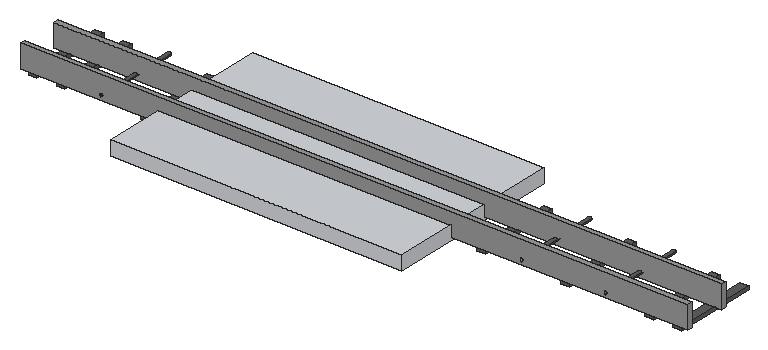
Revit family "1414-2, Solid", category Generic Models, host Face, Revit 2020
Family settings
  Host = Face
  Can host rebar = No
  Round Connector Dimension = Use Diameter
  Part Type = Normal
  Cut with Voids When Loaded = No
  Shared = No
  Room Calculation Point = No
Parameters
  min_value [instance] = 2' - 4"  # constant formula
  max_value [instance] = 11' - 11 1/4"  # constant formula
  actual_value [instance] = if(NET LENGTH < min_value, min_value, if(NET LENGTH > max_value, max_value, NET LENGTH))  # 7' - 11 1/4"
  NET LENGTH [instance] = 7' - 11 1/4"
  IMPORTANT NOTE!!!                                                                             *Backer & dowel layout is for visualization purposes only, final layout to be determined by 9Wood. [instance] = ""
  Default Elevation = 4' - 0"
  DOWEL RADIUS [instance] = 0' - 0 1/4"  # constant formula
  BACKER & DOWEL MATERIAL [instance] = BLACK-BACKERS
  .. MEMBER WIDTH [instance] = 0' - 0 3/4"  # constant formula
  .. MEMBER MATERIAL [instance] = Solid Western Hemlock
  .. MEMBER DEPTH [instance] = 0' - 3 1/4"  # constant formula
  .. MEMBER COUNT [instance] = 2  # constant formula
Reference planes (in)
  plane 1 "Center (Front/Back)": y = 0
  plane 2: z = 0
  plane 3 "Center (Left/Right)": x = 0
Forms (in)
  Extrusion 1, solid
    sketch origin (0, 0, 0) x (1, 0, 0) y (0, 1, 0)
      loop
        line (-24.24823, 14.63962) -> (-24.24823, -10.69266) -> (17.36192, -10.69266) -> (17.36192, 14.63962) -> (-24.24823, 14.63962)
    from 0 to 2.0625
Dimensions and locks (in)
  aligned and locked: plane 2 to Extrusion 1
  aligned and locked: nested 1 to plane 2
Nested families (in)
  nested 1: "1400 series" at (-44.01308, -2.1224, -0.06061), NET LENGTH <- "actual_value", .. MEMBER DEPTH <- ".. MEMBER DEPTH", .. MEMBER WIDTH <- ".. MEMBER WIDTH", DOWEL RADIUS <- "DOWEL RADIUS", BACKER & DOWEL MATERIAL <- "BACKER & DOWEL MATERIAL", .. MEMBER MATERIAL <- ".. MEMBER MATERIAL", MEMBER COUNT <- ".. MEMBER COUNT", type "1400 series"
    with X 7' - 8", SCRIM MATERIAL SCRIM, SCRIM LENGTH 8' - 1", SCRIM APPEARANCE yes, SCRIM 2 0' - 0 7/8", SCRIM 1 0' - 0 3/32", OC TYP 1' - 0", NET LENGTH 7' - 11 1/4", N 8, MEMBER COUNT 2, INSET 2 0' - 0 3/16", INSET 0' - 1", HALF MEMBER WIDTH 0' - 0 3/8", END BACKER yes, DOWEL RADIUS 0' - 0 1/4", DOWEL INDEX 0' - 11 5/8", DOWEL COUNT 7, BACKING M COUNT 8, BACKER WIDTH 0' - 1 1/4", BACKER INDEX 0' - 5 5/8", BACKER DEPTH 0' - 0 1/2", BACKER & DOWEL MATERIAL BLACK-BACKERS, BACKER &  DOWEL LENGTH 0' - 11 7/8", .. MEMBER WIDTH 0' - 0 3/4", .. MEMBER OC TYP 0' - 6", .. MEMBER MATERIAL Solid Western Hemlock, .. MEMBER DEPTH 0' - 3 1/4"
Definition of nested family "1400 series"
  Parameters (values of type "1400 series")
    X [instance] = NET LENGTH - 0' 3 1/4"  # 7' - 2"
    SCRIM MATERIAL [instance] = none
    SCRIM APPEARANCE [instance] = yes
    SCRIM 2 [instance] = 0' - 0 7/8"  # constant formula
    SCRIM 1 [instance] = 0' - 0 3/32"  # constant formula
    OC TYP [instance] = 1' - 0"  # constant formula
    N [instance] = if((X - (rounddown(X / 1' 0") * 1' 0")) > 1' 0", rounddown(X / 1' 0") + 2, rounddown(X / 1' 0") + 1)  # 8
    MEMBER COUNT [instance] = 2
    INSET 5 = 0' - 0 11/16"  # constant formula
    INSET 2 [instance] = 0' - 0 3/16"  # constant formula
    INSET [instance] = 0' - 1"  # constant formula
    END BACKER [instance] = BACKER INDEX > 0' 3 5/8"  # no
    HALF MEMBER WIDTH [instance] = .. MEMBER WIDTH / 2  # 0' - 1 1/8"
    Default Elevation = 0' - 0"
    DOWEL RADIUS [instance] = 0' - 0 1/4"
    DOWEL INDEX [instance] = BACKER INDEX + 0' 6"  # 0' - 8 5/8"
    DOWEL COUNT [instance] = N - 1  # 7
    BACKER WIDTH [instance] = 0' - 1 1/4"  # constant formula
    BACKER INDEX [instance] = (NET LENGTH - ((N - 1) * 1' 0")) / 2  # 0' - 2 5/8"
    BACKER DEPTH [instance] = 0' - 0 1/2"  # constant formula
    BACKING M COUNT [instance] = N  # 8
    BACKER & DOWEL MATERIAL [instance] = none
    BACKER &  DOWEL LENGTH [instance] = 0' - 11 7/8"  # constant formula
    SCRIM LENGTH [instance] = NET LENGTH + (SCRIM 2 * 2)  # 7' - 7"
    .. MEMBER WIDTH [instance] = 0' - 2 1/4"
    .. MEMBER OC TYP [instance] = 1' 0" / MEMBER COUNT  # 0' - 6"
    .. MEMBER MATERIAL [instance] = none
    NET LENGTH [instance] = 7' - 5 1/4"
    .. MEMBER DEPTH [instance] = 0' - 4"
  Reference planes (in)
    plane 1 "Center (Front/Back)": y = 0
    plane 2: z = 0
    plane 3 "Center (Left/Right)": x = 0
    plane 4: x = 89.25
    plane 5: x = 1
    plane 6: x = 88.25
    plane 7: x = 2.625
    plane 8: x = 8.625
    plane 9: x = 14.625
    plane 10: x = 20.625
    plane 11: y = 0.1875
    plane 12: y = 1.125
    plane 13: y = 7.125
    plane 14: y = 12.0625
    plane 15: x = 90.125
    plane 16: x = -0.875
    plane 17: y = 12.15625
    plane 18: y = -0.09375
    plane 19: z = 2.7097
    plane 20: z = 0.56061
    plane 21: z = 1.24811
  Lines and regions (in)
    model lines, not visible
      curve 1: line (8.625, 0, 0.99811) -> (8.625, 0, 1.49811)
      curve 2: line (8.625, 0, 1.49811) -> (8.375, 0, 1.24811)
      curve 3: line (8.375, 0, 1.24811) -> (8.875, 0, 1.24811)
      curve 4: line (20.625, 0, 0.99811) -> (20.625, 0, 1.49811)
      curve 5: line (20.625, 0, 1.49811) -> (20.375, 0, 1.24811)
      curve 6: line (20.375, 0, 1.24811) -> (20.875, 0, 1.24811)
      curve 7: line (32.625, 0, 0.99811) -> (32.625, 0, 1.49811)
      curve 8: line (32.625, 0, 1.49811) -> (32.375, 0, 1.24811)
      curve 9: line (32.375, 0, 1.24811) -> (32.875, 0, 1.24811)
      curve 10: line (44.625, 0, 0.99811) -> (44.625, 0, 1.49811)
      curve 11: line (44.625, 0, 1.49811) -> (44.375, 0, 1.24811)
      curve 12: line (44.375, 0, 1.24811) -> (44.875, 0, 1.24811)
      curve 13: line (56.625, 0, 0.99811) -> (56.625, 0, 1.49811)
      curve 14: line (56.625, 0, 1.49811) -> (56.375, 0, 1.24811)
      curve 15: line (56.375, 0, 1.24811) -> (56.875, 0, 1.24811)
      curve 16: line (68.625, 0, 0.99811) -> (68.625, 0, 1.49811)
      curve 17: line (68.625, 0, 1.49811) -> (68.375, 0, 1.24811)
      curve 18: line (68.375, 0, 1.24811) -> (68.875, 0, 1.24811)
      curve 19: line (80.625, 0, 0.99811) -> (80.625, 0, 1.49811)
      curve 20: line (80.625, 0, 1.49811) -> (80.375, 0, 1.24811)
      curve 21: line (80.375, 0, 1.24811) -> (80.875, 0, 1.24811)
  Dimensions and locks (in)
    "INSET": plane 3 "Center (Left/Right)" to plane 5
    "NET LENGTH": plane 3 "Center (Left/Right)" to plane 4
    "INSET": plane 6 to plane 4
    "BACKER INDEX": plane 3 "Center (Left/Right)" to plane 7
    "DOWEL INDEX": plane 3 "Center (Left/Right)" to plane 8
    "OC TYP": plane 7 to plane 9
    "OC TYP": plane 8 to plane 10
    "INSET 2": plane 1 "Center (Front/Back)" to plane 11
    equal spacing: group 1, group 2, group 5, group 6, group 7, group 13, group 14, group 16  (x3)
    equal spacing: group 3, group 4, group 8, group 9, group 10, group 15, group 17  (x3)
    group 11 to group 12 = 0' - 0"  (x2)
    group 11 to group 12 = 0' - 6"
    ".. MEMBER OC TYP": plane 13 to plane 12
    "HALF MEMBER WIDTH": plane 1 "Center (Front/Back)" to plane 12
    "SCRIM 2": plane 16 to plane 3 "Center (Left/Right)"
    "SCRIM 2": plane 4 to plane 15
    "SCRIM 1": plane 18 to plane 1 "Center (Front/Back)"
    "SCRIM 1": plane 17 to plane 14
    "INSET 5": plane 21 to plane 20
    aligned and locked: level to plane 2
    aligned and locked: plane 7 to nested 2
    aligned and locked: plane 5 to nested 1
    aligned and locked: plane 9 to nested 3
    aligned and locked: nested 1 to plane 5
    aligned and locked: nested 2 to plane 11
    aligned and locked: nested 1 to plane 11
    aligned and locked: nested 3 to plane 11
    aligned and locked: nested 4 to plane 11  (x2)
    aligned and locked: plane 10 to nested 5
    aligned and locked: plane 6 to nested 12
    aligned and locked: nested 5 to plane 11
    aligned and locked: plane 11 to nested 12
    aligned and locked: plane 12 to nested 13
    aligned and locked: nested 14 to plane 13
    aligned and locked: plane 14 to nested 8
    aligned and locked: nested 13 to plane 20
    aligned and locked: plane 21 to nested 4
    aligned and locked: plane 21 to nested 5
    aligned and locked: nested 13 to plane 8
    aligned and locked: plane 10 to nested 13
    aligned and locked: curve 1 to nested 13
    aligned and locked: nested 13 to curve 4
    aligned and locked: plane 20 to nested 1
    aligned and locked: plane 20 to nested 2
    aligned and locked: nested 12 to plane 20
  Automatic sketch dimensions
    curve 3 to curve 1 = 0' - 0 1/4"  (x2)
    curve 1 to curve 3 = 0' - 0 1/4"
    curve 1 to curve 2 = 0' - 0 1/4"
    curve 6 to curve 4 = 0' - 0 1/4"  (x2)
    curve 4 to curve 6 = 0' - 0 1/4"
    curve 4 to curve 5 = 0' - 0 1/4"
    curve 9 to curve 7 = 0' - 0 1/4"  (x2)
    curve 7 to curve 9 = 0' - 0 1/4"
    curve 7 to curve 8 = 0' - 0 1/4"
    curve 12 to curve 10 = 0' - 0 1/4"  (x2)
    curve 10 to curve 12 = 0' - 0 1/4"
    curve 10 to curve 11 = 0' - 0 1/4"
    curve 15 to curve 13 = 0' - 0 1/4"  (x2)
    curve 13 to curve 15 = 0' - 0 1/4"
    curve 13 to curve 14 = 0' - 0 1/4"
    curve 18 to curve 16 = 0' - 0 1/4"  (x2)
    curve 16 to curve 18 = 0' - 0 1/4"
    curve 16 to curve 17 = 0' - 0 1/4"
    curve 21 to curve 19 = 0' - 0 1/4"  (x2)
    curve 19 to curve 21 = 0' - 0 1/4"
    curve 19 to curve 20 = 0' - 0 1/4"
  Nested families (in)
    nested 1: "INSTANCE - 3RD -  EXTEND BOTH SIDES - Parametric Cube.0001" at (1, 0.1875, 0.56061), Length <- "BACKER &  DOWEL LENGTH", Width <- "BACKER WIDTH", Height <- "BACKER DEPTH", Material <- "BACKER & DOWEL MATERIAL", visible <- "END BACKER", type "INSTANCE - 3RD -  EXTEND BOTH SIDES - Parametric Cube.0001"
      with Width 0' - 1 1/4", Material none, Length 0' - 11 7/8", Height 0' - 0 1/2"
    nested 2: "INSTANCE - 2ND -  EXTEND SIDE H CENTER W - Parametric Cube.0001" at (2.625, 0.1875, 0.56061), Width <- "BACKER WIDTH", Length <- "BACKER &  DOWEL LENGTH", Height <- "BACKER DEPTH", Material <- "BACKER & DOWEL MATERIAL", type "INSTANCE - 2ND -  EXTEND SIDE H CENTER W - Parametric Cube.0001"
      with Width 0' - 1 1/4", Material none, Length 0' - 11 7/8", Height 0' - 0 1/2"
    nested 3: "INSTANCE - 2ND -  EXTEND SIDE H CENTER W - Parametric Cube.0001" at (14.625, 0.1875, 0.56061), Width <- "BACKER WIDTH", Length <- "BACKER &  DOWEL LENGTH", Height <- "BACKER DEPTH", Material <- "BACKER & DOWEL MATERIAL", type "INSTANCE - 2ND -  EXTEND SIDE H CENTER W - Parametric Cube.0001"
      with Width 0' - 1 1/4", Material none, Length 0' - 11 7/8", Height 0' - 0 1/2"
    nested 4: "DOWEL" at (-1.375, 0.1875, 1.24811), DOWEL LENGTH <- "BACKER &  DOWEL LENGTH", DOWEL RADII <- "DOWEL RADIUS", BACKING MEM MATERIAL <- "BACKER & DOWEL MATERIAL", type "DOWEL"
      with DOWEL RADII 0' - 0 1/4", DOWEL LENGTH 0' - 11 7/8", BACKING MEM MATERIAL none
    nested 5: "DOWEL" at (10.625, 0.1875, 1.24811), DOWEL LENGTH <- "BACKER &  DOWEL LENGTH", DOWEL RADII <- "DOWEL RADIUS", BACKING MEM MATERIAL <- "BACKER & DOWEL MATERIAL", type "DOWEL"
      with DOWEL RADII 0' - 0 1/4", DOWEL LENGTH 0' - 11 7/8", BACKING MEM MATERIAL none
    nested 6: "INSTANCE - 2ND -  EXTEND SIDE H CENTER W - Parametric Cube.0001" at (26.625, 0.1875, 0.56061), Width <- "BACKER WIDTH", Length <- "BACKER &  DOWEL LENGTH", Height <- "BACKER DEPTH", Material <- "BACKER & DOWEL MATERIAL", type "INSTANCE - 2ND -  EXTEND SIDE H CENTER W - Parametric Cube.0001"
      with Width 0' - 1 1/4", Material none, Length 0' - 11 7/8", Height 0' - 0 1/2"
    nested 7: "INSTANCE - 2ND -  EXTEND SIDE H CENTER W - Parametric Cube.0001" at (38.625, 0.1875, 0.56061), Width <- "BACKER WIDTH", Length <- "BACKER &  DOWEL LENGTH", Height <- "BACKER DEPTH", Material <- "BACKER & DOWEL MATERIAL", type "INSTANCE - 2ND -  EXTEND SIDE H CENTER W - Parametric Cube.0001"
      with Width 0' - 1 1/4", Material none, Length 0' - 11 7/8", Height 0' - 0 1/2"
    nested 8: "INSTANCE - 2ND -  EXTEND SIDE H CENTER W - Parametric Cube.0001" at (50.625, 0.1875, 0.56061), Width <- "BACKER WIDTH", Length <- "BACKER &  DOWEL LENGTH", Height <- "BACKER DEPTH", Material <- "BACKER & DOWEL MATERIAL", type "INSTANCE - 2ND -  EXTEND SIDE H CENTER W - Parametric Cube.0001"
      with Width 0' - 1 1/4", Material none, Length 0' - 11 7/8", Height 0' - 0 1/2"
    nested 9: "DOWEL" at (22.625, 0.1875, 1.24811), DOWEL LENGTH <- "BACKER &  DOWEL LENGTH", DOWEL RADII <- "DOWEL RADIUS", BACKING MEM MATERIAL <- "BACKER & DOWEL MATERIAL", type "DOWEL"
      with DOWEL RADII 0' - 0 1/4", DOWEL LENGTH 0' - 11 7/8", BACKING MEM MATERIAL none
    nested 10: "DOWEL" at (34.625, 0.1875, 1.24811), DOWEL LENGTH <- "BACKER &  DOWEL LENGTH", DOWEL RADII <- "DOWEL RADIUS", BACKING MEM MATERIAL <- "BACKER & DOWEL MATERIAL", type "DOWEL"
      with DOWEL RADII 0' - 0 1/4", DOWEL LENGTH 0' - 11 7/8", BACKING MEM MATERIAL none
    nested 11: "DOWEL" at (46.625, 0.1875, 1.24811), DOWEL LENGTH <- "BACKER &  DOWEL LENGTH", DOWEL RADII <- "DOWEL RADIUS", BACKING MEM MATERIAL <- "BACKER & DOWEL MATERIAL", type "DOWEL"
      with DOWEL RADII 0' - 0 1/4", DOWEL LENGTH 0' - 11 7/8", BACKING MEM MATERIAL none
    nested 12: "INSTANCE - 3RD -  EXTEND BOTH SIDES - Parametric Cube.0001" at (88.25, 0.1875, 0.56061) x (-1, 0, 0) z (0, 0, 1), Width <- "BACKER WIDTH", Length <- "BACKER &  DOWEL LENGTH", Height <- "BACKER DEPTH", Material <- "BACKER & DOWEL MATERIAL", visible <- "END BACKER", type "INSTANCE - 3RD -  EXTEND BOTH SIDES - Parametric Cube.0001"
      with Width 0' - 1 1/4", Material none, Length 0' - 11 7/8", Height 0' - 0 1/2"
    nested 13: "HOLED MEMBER" at (0, -9.75, 8.12965), DOWEL INDEX <- "DOWEL INDEX", .. MEMBER LENGTH <- "NET LENGTH", .. MEMBER WIDTH <- ".. MEMBER WIDTH", DOWEL OC DIST <- "OC TYP", DOWEL RADII <- "DOWEL RADIUS", Material <- ".. MEMBER MATERIAL", DEPTH <- ".. MEMBER DEPTH", DOWEL COUNT <- "DOWEL COUNT", Space <- "INSET 5", type "HOLED MEMBER"
      with Space 0' - 0 11/16", Material none, Height 0' - 10.43096", HALF MEMBER WIDTH 0' - 1 1/8", DOWEL RADII 0' - 0 1/4", DOWEL OC DIST 1' - 0", DOWEL INDEX 0' - 8 5/8", DOWEL COUNT 7, DEPTH 0' - 4", .. MEMBER WIDTH 0' - 2 1/4", .. MEMBER LENGTH 7' - 5 1/4"
    nested 14: "HOLED MEMBER" at (0, -3.75, 8.12965), DOWEL INDEX <- "DOWEL INDEX", .. MEMBER LENGTH <- "NET LENGTH", .. MEMBER WIDTH <- ".. MEMBER WIDTH", DOWEL OC DIST <- "OC TYP", DOWEL RADII <- "DOWEL RADIUS", Material <- ".. MEMBER MATERIAL", DEPTH <- ".. MEMBER DEPTH", DOWEL COUNT <- "DOWEL COUNT", Space <- "INSET 5", type "HOLED MEMBER"
      with Space 0' - 0 11/16", Material none, Height 0' - 10.43096", HALF MEMBER WIDTH 0' - 1 1/8", DOWEL RADII 0' - 0 1/4", DOWEL OC DIST 1' - 0", DOWEL INDEX 0' - 8 5/8", DOWEL COUNT 7, DEPTH 0' - 4", .. MEMBER WIDTH 0' - 2 1/4", .. MEMBER LENGTH 7' - 5 1/4"
    nested 15: "INSTANCE - 2ND -  EXTEND SIDE H CENTER W - Parametric Cube.0001" at (62.625, 0.1875, 0.56061), Width <- "BACKER WIDTH", Length <- "BACKER &  DOWEL LENGTH", Height <- "BACKER DEPTH", Material <- "BACKER & DOWEL MATERIAL", type "INSTANCE - 2ND -  EXTEND SIDE H CENTER W - Parametric Cube.0001"
      with Width 0' - 1 1/4", Material none, Length 0' - 11 7/8", Height 0' - 0 1/2"
    nested 16: "INSTANCE - 2ND -  EXTEND SIDE H CENTER W - Parametric Cube.0001" at (74.625, 0.1875, 0.56061), Width <- "BACKER WIDTH", Length <- "BACKER &  DOWEL LENGTH", Height <- "BACKER DEPTH", Material <- "BACKER & DOWEL MATERIAL", type "INSTANCE - 2ND -  EXTEND SIDE H CENTER W - Parametric Cube.0001"
      with Width 0' - 1 1/4", Material none, Length 0' - 11 7/8", Height 0' - 0 1/2"
    nested 17: "DOWEL" at (58.625, 0.1875, 1.24811), DOWEL LENGTH <- "BACKER &  DOWEL LENGTH", DOWEL RADII <- "DOWEL RADIUS", BACKING MEM MATERIAL <- "BACKER & DOWEL MATERIAL", type "DOWEL"
      with DOWEL RADII 0' - 0 1/4", DOWEL LENGTH 0' - 11 7/8", BACKING MEM MATERIAL none
    nested 18: "INSTANCE - 2ND -  EXTEND SIDE H CENTER W - Parametric Cube.0001" at (86.625, 0.1875, 0.56061), Width <- "BACKER WIDTH", Length <- "BACKER &  DOWEL LENGTH", Height <- "BACKER DEPTH", Material <- "BACKER & DOWEL MATERIAL", type "INSTANCE - 2ND -  EXTEND SIDE H CENTER W - Parametric Cube.0001"
      with Width 0' - 1 1/4", Material none, Length 0' - 11 7/8", Height 0' - 0 1/2"
    nested 19: "DOWEL" at (70.625, 0.1875, 1.24811), DOWEL LENGTH <- "BACKER &  DOWEL LENGTH", DOWEL RADII <- "DOWEL RADIUS", BACKING MEM MATERIAL <- "BACKER & DOWEL MATERIAL", type "DOWEL"
      with DOWEL RADII 0' - 0 1/4", DOWEL LENGTH 0' - 11 7/8", BACKING MEM MATERIAL none
  Definition of nested family "INSTANCE - 3RD -  EXTEND BOTH SIDES - Parametric Cube.0001"
    Parameters (values of type "INSTANCE - 3RD -  EXTEND BOTH SIDES - Parametric Cube.0001")
      Width [instance] = 0' - 6"
      Material [instance] = none
      Length [instance] = 1' - 0"
      Height [instance] = 1' - 6"
      Default Elevation = 0' - 0"
    Reference planes (in)
      plane 1 "Center (Front/Back)": y = 0
      plane 2: z = 0
      plane 3 "Center (Left/Right)": x = 0
      plane 4: x = 6
      plane 5: y = 12
      plane 6: z = -18
    Forms (in)
      Extrusion 1, solid, material <- "Material"
        sketch origin (0, 6, 0) x (1, 0, 0) y (0, 1, 0)
          loop
            line (0, 6) -> (0, -6) -> (6, -6) -> (6, 6) -> (0, 6)
        from -18 to 0
    Dimensions and locks (in)
      "Height": plane 6 to level
      "Length": plane 1 "Center (Front/Back)" to plane 5
      "Width": plane 3 "Center (Left/Right)" to plane 4
      aligned and locked: plane 2 to level
      aligned and locked: Extrusion 1 sketch curve to plane 4
      aligned and locked: Extrusion 1 to plane 6
      aligned and locked: plane 5 to Extrusion 1
      aligned and locked: Extrusion 1 to plane 3 "Center (Left/Right)"
    Automatic sketch dimensions
      plane 1 "Center (Front/Back)" to Extrusion 1 sketch curve = 0' - 0"
      plane 5 to Extrusion 1 sketch curve = 0' - 0"
      Extrusion 1 sketch curve to plane 3 "Center (Left/Right)" = 0' - 0"
  Definition of nested family "INSTANCE - 2ND -  EXTEND SIDE H CENTER W - Parametric Cube.0001"
    Parameters (values of type "INSTANCE - 2ND -  EXTEND SIDE H CENTER W - Parametric Cube.0001")
      Width [instance] = 0' - 6"
      Material [instance] = none
      Length [instance] = 1' - 0"
      Height [instance] = 1' - 6"
      Default Elevation = 0' - 0"
    Reference planes (in)
      plane 1 "Center (Front/Back)": y = 0
      plane 2: z = 0
      plane 3 "Center (Left/Right)": x = 0
      plane 4: x = -3
      plane 5: x = 3
      plane 6: y = 12
      plane 7: z = -18
    Forms (in)
      Extrusion 1, solid, material <- "Material"
        sketch origin (0, 6, 0) x (1, 0, 0) y (0, 1, 0)
          loop
            line (-3, 6) -> (-3, -6) -> (3, -6) -> (3, 6) -> (-3, 6)
        from -18 to 0
    Dimensions and locks (in)
      equal spacing: plane 4, plane 3 "Center (Left/Right)", plane 5
      "Width": plane 4 to plane 5
      "Height": plane 7 to level
      "Length": plane 1 "Center (Front/Back)" to plane 6
      aligned and locked: plane 2 to level
      aligned and locked: plane 4 to Extrusion 1 sketch curve
      aligned and locked: Extrusion 1 sketch curve to plane 5
      aligned and locked: Extrusion 1 to plane 7
      aligned and locked: plane 6 to Extrusion 1
    Automatic sketch dimensions
      plane 1 "Center (Front/Back)" to Extrusion 1 sketch curve = 0' - 0"
      plane 6 to Extrusion 1 sketch curve = 0' - 0"
  Definition of nested family "DOWEL"
    Parameters (values of type "DOWEL")
      Default Elevation = 0' - 0"
      DOWEL RADII [instance] = 0' - 0 5/8"
      DOWEL LENGTH [instance] = 1' - 0"
      BACKING MEM MATERIAL [instance] = none
    Reference planes (in)
      plane 1 "Center (Front/Back)": y = 0
      plane 2: z = 0
      plane 3 "Center (Left/Right)": x = 0
      plane 4: y = 12
    Forms (in)
      Extrusion 1, solid, material <- "BACKING MEM MATERIAL"
        sketch origin (10, 0, 0) x (1, 0, 0) y (0, 0, 1)
          loop
            circle (0, 0) r 0.625
        from 0 to -12
      Extrusion 2, solid, not visible
        sketch origin (0, 0, 0) x (1, 0, 0) y (0, 0, 1)
          loop
            circle (0, 0) r 0.625
        from 0 to 12
      Extrusion 3, solid, not visible
        sketch origin (10, 0, 0) x (1, 0, 0) y (0, 0, 1)
          loop
            circle (0, 0) r 0.625
        from 0 to 2.5
      Extrusion 4, solid, not visible
        sketch origin (10, 0, 0) x (1, 0, 0) y (0, 0, 1)
          loop
            circle (0, 0) r 0.625
        from 0 to -12
    Lines and regions (in)
      model lines, not visible
        curve 1: line (-13, 0, 0) -> (-13, -12, 0)
        curve 2: line (13, 0, 0) -> (13, -12, 0)
        curve 3: line (9.89453, 0, 0) -> (10.08794, 0, 0)
        curve 4: line (9.89453, -2.5, 0) -> (10.08794, -2.5, 0)
        curve 6: line (10, 0, 0) -> (10, 2, 0)
      model lines
        curve 5: line (10, 0, 0) -> (10, 2, 0)
    Dimensions and locks (in)
      "DOWEL LENGTH": plane 1 "Center (Front/Back)" to plane 4
      "DOWEL RADII": radius of Extrusion 1 sketch curve
      "DOWEL RADII": radius of Extrusion 2 sketch curve
      "DOWEL RADII": radius of Extrusion 3 sketch curve
      "DOWEL RADII": radius of Extrusion 4 sketch curve
      "DOWEL RADII": radius of Extrusion 1
      aligned and locked: plane 2 to level
      aligned and locked: Extrusion 1 to plane 1 "Center (Front/Back)"  (x3)
      aligned and locked: plane 1 "Center (Front/Back)" to Extrusion 1
      aligned and locked: plane 4 to Extrusion 1
    Automatic sketch dimensions
      plane 1 "Center (Front/Back)" to curve 5 = 0' - 0"
      curve 5 to plane 1 "Center (Front/Back)" = 0' - 2"
      plane 3 "Center (Left/Right)" to curve 5 = 0' - 10"
      Extrusion 1 sketch curve to level = 0' - 0"
      plane 3 "Center (Left/Right)" to Extrusion 1 sketch curve = 0' - 10"
  Definition of nested family "HOLED MEMBER"
    Parameters (values of type "HOLED MEMBER")
      Space [instance] = 0' - 0 5/8"
      Material [instance] = none
      Height [instance] = 0' - 10.43096"
      HALF MEMBER WIDTH [instance] = .. MEMBER WIDTH / 2  # 0' - 0 5/16"
      Default Elevation = 0' - 0"
      DOWEL RADII [instance] = 0' - 0.34537"
      DOWEL OC DIST [instance] = 1' - 0"
      DOWEL INSET = 0' - 0 5/8"
      DOWEL INDEX [instance] = 0' - 5 5/8"
      DOWEL COUNT [instance] = 6
      DEPTH [instance] = 0' - 2"
      .. MEMBER WIDTH [instance] = 0' - 0 5/8"
      .. MEMBER LENGTH [instance] = 5' - 11 3/4"
    Reference planes (in)
      plane 1 "Center (Front/Back)": y = 12
      plane 2: z = -7.56904
      plane 3 "Center (Left/Right)": x = 0
      plane 4: x = 5.625
      plane 5: x = 17.625
      plane 6: y = 11.375
      plane 7: x = 71.75
      plane 8: y = 11.6875
      plane 9: z = -6.94404
      plane 10: z = -5.56904
    Forms (in)
      Extrusion 1, solid, material <- "Material"
        sketch origin (0, 12, -13.56904) x (1, 0, 0) y (0, 0, 1)
          loop
            line (0, 6) -> (71.75, 6) -> (71.75, 8) -> (0, 8) -> (0, 6)
        from 0.625 to 0
      Extrusion 2, void
        sketch origin (0, 12, -18.31904) x (1, 0, 0) y (0, 0, 1)
          loop
            circle (5.625, 11.375) r 0.34537
        from 0 to 12
      Extrusion 3, void, not visible
        sketch origin (0, 0, 0) x (1, 0, 0) y (0, 1, 0)
          loop
            circle (5.625, 11.375) r 0.34537
        from 0 to 12
      Extrusion 4, void, not visible
        sketch origin (0, 0, 0) x (1, 0, 0) y (0, 1, 0)
          loop
            circle (5.625, 11.375) r 0.34537
        from 0 to 12
      Extrusion 5, void, not visible
        sketch origin (12, 0, 0) x (1, 0, 0) y (0, 1, 0)
          loop
            circle (5.625, 11.375) r 0.34537
        from 0 to 12
      Extrusion 6, void, not visible
        sketch origin (0, 12, -17.56904) x (1, 0, 0) y (0, 0, 1)
          loop
            circle (5.625, 11.375) r 0.34537
        from 0 to 12
      Extrusion 7, void, not visible
        sketch origin (12, 12, -17.56904) x (1, 0, 0) y (0, 0, 1)
          loop
            circle (5.625, 11.375) r 0.34537
        from 0 to 12
      Extrusion 8, void, not visible
        sketch origin (0, 12, -19.56904) x (1, 0, 0) y (0, 0, 1)
          loop
            circle (5.625, 11.375) r 0.34537
        from 0 to 12
      Extrusion 9, void
        sketch origin (12, 12, -18.31904) x (1, 0, 0) y (0, 0, 1)
          loop
            circle (5.625, 11.375) r 0.34537
        from 0 to 12
      Extrusion 10, void
        sketch origin (24, 12, -18.31904) x (1, 0, 0) y (0, 0, 1)
          loop
            circle (5.625, 11.375) r 0.34537
        from 0 to 12
      Extrusion 11, void
        sketch origin (36, 12, -18.31904) x (1, 0, 0) y (0, 0, 1)
          loop
            circle (5.625, 11.375) r 0.34537
        from 0 to 12
      Extrusion 12, void
        sketch origin (48, 12, -18.31904) x (1, 0, 0) y (0, 0, 1)
          loop
            circle (5.625, 11.375) r 0.34537
        from 0 to 12
      Extrusion 13, void
        sketch origin (60, 12, -18.31904) x (1, 0, 0) y (0, 0, 1)
          loop
            circle (5.625, 11.375) r 0.34537
        from 0 to 12
      Extrusion 14, void, not visible
        sketch origin (24, 12, -17.56904) x (1, 0, 0) y (0, 0, 1)
          loop
            circle (5.625, 11.375) r 0.34537
        from 0 to 12
      Extrusion 15, void, not visible
        sketch origin (36, 12, -17.56904) x (1, 0, 0) y (0, 0, 1)
          loop
            circle (5.625, 11.375) r 0.34537
        from 0 to 12
      Extrusion 16, void, not visible
        sketch origin (48, 12, -17.56904) x (1, 0, 0) y (0, 0, 1)
          loop
            circle (5.625, 11.375) r 0.34537
        from 0 to 12
      Extrusion 17, void, not visible
        sketch origin (60, 12, -17.56904) x (1, 0, 0) y (0, 0, 1)
          loop
            circle (5.625, 11.375) r 0.34537
        from 0 to 12
      Extrusion 18, void, not visible
        sketch origin (24, 0, 0) x (1, 0, 0) y (0, 1, 0)
          loop
            circle (5.625, 11.375) r 0.34537
        from 0 to 12
      Extrusion 19, void, not visible
        sketch origin (36, 0, 0) x (1, 0, 0) y (0, 1, 0)
          loop
            circle (5.625, 11.375) r 0.34537
        from 0 to 12
      Extrusion 20, void, not visible
        sketch origin (48, 0, 0) x (1, 0, 0) y (0, 1, 0)
          loop
            circle (5.625, 11.375) r 0.34537
        from 0 to 12
      Extrusion 21, void, not visible
        sketch origin (60, 0, 0) x (1, 0, 0) y (0, 1, 0)
          loop
            circle (5.625, 11.375) r 0.34537
        from 0 to 12
    Cuts and joins
      Extrusion 2, Extrusion 9, Extrusion 10, Extrusion 11, Extrusion 12, Extrusion 13 cuts Extrusion 1
    Lines and regions (in)
      model lines, not visible
        curve 1: line (5.625, 11.72037, 0) -> (5.625, 11.02963, 0)
        curve 2: line (5.625, 11.72037, 0) -> (5.625, 11.02963, 0)
        curve 3: line (17.625, 11.72037, 0) -> (17.625, 11.02963, 0)
        curve 4: line (5.625, 12, -7.56904) -> (5.625, 11.87317, -7.56904)
        curve 5: line (5.625, 11.87317, -7.56904) -> (5.06195, 11.87317, -7.56904)
        curve 6: line (5.06195, 11.87317, -7.56904) -> (5.27963, 11.375, -7.56904)
        curve 7: line (0, 12, -6.19404) -> (0, 11.61951, -6.19404)
        curve 9: line (0, 11.375, -8.19404) -> (0, 11.6747, -8.19404)
        curve 10: line (5.625, 12, -7.56904) -> (5.625, 11.69863, -7.56904)
        curve 11: line (5.625, 12, -7.56904) -> (5.625, 11.69863, -7.56904)
        curve 12: line (5.625, 10.75, 0) -> (5.625, 10.75, 0.30137)
        curve 13: line (5.625, 10.75, 0) -> (5.625, 10.75, 0.30137)
        curve 14: line (17.625, 10.75, 0) -> (17.625, 10.75, 0.30137)
        curve 15: line (5.625, 12, -6.81904) -> (5.625, 11.69863, -6.81904)
        curve 16: line (17.625, 12, -6.81904) -> (17.625, 11.69863, -6.81904)
        curve 17: line (5.625, 12, -8.81904) -> (5.625, 11.69863, -8.81904)
        curve 18: line (17.625, 12, -7.56904) -> (17.625, 11.69863, -7.56904)
        curve 19: line (29.625, 12, -7.56904) -> (29.625, 11.69863, -7.56904)
        curve 20: line (41.625, 12, -7.56904) -> (41.625, 11.69863, -7.56904)
        curve 21: line (53.625, 12, -7.56904) -> (53.625, 11.69863, -7.56904)
        curve 22: line (65.625, 12, -7.56904) -> (65.625, 11.69863, -7.56904)
        curve 23: line (29.625, 12, -6.81904) -> (29.625, 11.69863, -6.81904)
        curve 24: line (41.625, 12, -6.81904) -> (41.625, 11.69863, -6.81904)
        curve 25: line (53.625, 12, -6.81904) -> (53.625, 11.69863, -6.81904)
        curve 26: line (65.625, 12, -6.81904) -> (65.625, 11.69863, -6.81904)
        curve 27: line (29.625, 11.72037, 0) -> (29.625, 11.02963, 0)
        curve 28: line (29.625, 10.75, 0) -> (29.625, 10.75, 0.30137)
        curve 29: line (41.625, 11.72037, 0) -> (41.625, 11.02963, 0)
        curve 30: line (41.625, 10.75, 0) -> (41.625, 10.75, 0.30137)
        curve 31: line (53.625, 11.72037, 0) -> (53.625, 11.02963, 0)
        curve 32: line (53.625, 10.75, 0) -> (53.625, 10.75, 0.30137)
        curve 33: line (65.625, 11.72037, 0) -> (65.625, 11.02963, 0)
        curve 34: line (65.625, 10.75, 0) -> (65.625, 10.75, 0.30137)
        curve 35: line (5.27963, 12, -6.94404) -> (5.97037, 12, -6.94404)
        curve 36: line (5.97037, 12, -6.94404) -> (5.625, 12, -6.59867)
        curve 37: line (5.625, 12, -6.59867) -> (5.625, 12, -7.28941)
        curve 38: line (5.27963, 11.375, 0) -> (5.97037, 11.375, 0)
        curve 39: line (5.97037, 11.375, 0) -> (5.625, 11.72037, 0)
        curve 40: line (5.625, 11.72037, 0) -> (5.625, 11.02963, 0)
        curve 41: line (5.27963, 11.375, 0) -> (5.97037, 11.375, 0)
        curve 42: line (5.97037, 11.375, 0) -> (5.625, 11.72037, 0)
        curve 43: line (5.625, 11.72037, 0) -> (5.625, 11.02963, 0)
        curve 44: line (17.27963, 11.375, 0) -> (17.97037, 11.375, 0)
        curve 45: line (17.97037, 11.375, 0) -> (17.625, 11.72037, 0)
        curve 46: line (17.625, 11.72037, 0) -> (17.625, 11.02963, 0)
        curve 47: line (5.27963, 12, -6.19404) -> (5.97037, 12, -6.19404)
        curve 48: line (5.97037, 12, -6.19404) -> (5.625, 12, -5.84867)
        curve 49: line (5.625, 12, -5.84867) -> (5.625, 12, -6.53941)
        curve 50: line (17.27963, 12, -6.19404) -> (17.97037, 12, -6.19404)
        curve 51: line (17.97037, 12, -6.19404) -> (17.625, 12, -5.84867)
        curve 52: line (17.625, 12, -5.84867) -> (17.625, 12, -6.53941)
        curve 53: line (5.27963, 12, -8.19404) -> (5.97037, 12, -8.19404)
        curve 54: line (5.97037, 12, -8.19404) -> (5.625, 12, -7.84867)
        curve 55: line (5.625, 12, -7.84867) -> (5.625, 12, -8.53941)
        curve 56: line (17.27963, 12, -6.94404) -> (17.97037, 12, -6.94404)
        curve 57: line (17.97037, 12, -6.94404) -> (17.625, 12, -6.59867)
        curve 58: line (17.625, 12, -6.59867) -> (17.625, 12, -7.28941)
        curve 59: line (29.27963, 12, -6.94404) -> (29.97037, 12, -6.94404)
        curve 60: line (29.97037, 12, -6.94404) -> (29.625, 12, -6.59867)
        curve 61: line (29.625, 12, -6.59867) -> (29.625, 12, -7.28941)
        curve 62: line (41.27963, 12, -6.94404) -> (41.97037, 12, -6.94404)
        curve 63: line (41.97037, 12, -6.94404) -> (41.625, 12, -6.59867)
        curve 64: line (41.625, 12, -6.59867) -> (41.625, 12, -7.28941)
        curve 65: line (53.27963, 12, -6.94404) -> (53.97037, 12, -6.94404)
        curve 66: line (53.97037, 12, -6.94404) -> (53.625, 12, -6.59867)
        curve 67: line (53.625, 12, -6.59867) -> (53.625, 12, -7.28941)
        curve 68: line (65.27963, 12, -6.94404) -> (65.97037, 12, -6.94404)
        curve 69: line (65.97037, 12, -6.94404) -> (65.625, 12, -6.59867)
        curve 70: line (65.625, 12, -6.59867) -> (65.625, 12, -7.28941)
        curve 71: line (29.27963, 12, -6.19404) -> (29.97037, 12, -6.19404)
        curve 72: line (29.97037, 12, -6.19404) -> (29.625, 12, -5.84867)
        curve 73: line (29.625, 12, -5.84867) -> (29.625, 12, -6.53941)
        curve 74: line (41.27963, 12, -6.19404) -> (41.97037, 12, -6.19404)
        curve 75: line (41.97037, 12, -6.19404) -> (41.625, 12, -5.84867)
        curve 76: line (41.625, 12, -5.84867) -> (41.625, 12, -6.53941)
        curve 77: line (53.27963, 12, -6.19404) -> (53.97037, 12, -6.19404)
        curve 78: line (53.97037, 12, -6.19404) -> (53.625, 12, -5.84867)
        curve 79: line (53.625, 12, -5.84867) -> (53.625, 12, -6.53941)
        curve 80: line (65.27963, 12, -6.19404) -> (65.97037, 12, -6.19404)
        curve 81: line (65.97037, 12, -6.19404) -> (65.625, 12, -5.84867)
        curve 82: line (65.625, 12, -5.84867) -> (65.625, 12, -6.53941)
        curve 83: line (29.27963, 11.375, 0) -> (29.97037, 11.375, 0)
        curve 84: line (29.97037, 11.375, 0) -> (29.625, 11.72037, 0)
        curve 85: line (29.625, 11.72037, 0) -> (29.625, 11.02963, 0)
        curve 86: line (41.27963, 11.375, 0) -> (41.97037, 11.375, 0)
        curve 87: line (41.97037, 11.375, 0) -> (41.625, 11.72037, 0)
        curve 88: line (41.625, 11.72037, 0) -> (41.625, 11.02963, 0)
        curve 89: line (53.27963, 11.375, 0) -> (53.97037, 11.375, 0)
        curve 90: line (53.97037, 11.375, 0) -> (53.625, 11.72037, 0)
        curve 91: line (53.625, 11.72037, 0) -> (53.625, 11.02963, 0)
        curve 92: line (65.27963, 11.375, 0) -> (65.97037, 11.375, 0)
        curve 93: line (65.97037, 11.375, 0) -> (65.625, 11.72037, 0)
        curve 94: line (65.625, 11.72037, 0) -> (65.625, 11.02963, 0)
      model lines
        curve 8: line (5.625, 12, -7.56904) -> (5.625, 11.69863, -7.56904)
    Dimensions and locks (in)
      "DOWEL INDEX": plane 3 "Center (Left/Right)" to plane 4
      "DOWEL OC DIST": plane 4 to plane 5
      ".. MEMBER LENGTH": plane 3 "Center (Left/Right)" to plane 7
      equal spacing: group 3, group 4, group 21, group 22, group 23, group 24  (x3)
      equal spacing: group 7, group 8, group 17, group 18, group 19, group 20  (x3)
      ".. MEMBER WIDTH": plane 6 to plane 1 "Center (Front/Back)"
      "HALF MEMBER WIDTH": plane 8 to plane 1 "Center (Front/Back)"
      equal spacing: group 1, group 12, group 13, group 14, group 15, group 16  (x2)
      equal spacing: group 16, group 15, group 14, group 13, group 12, group 1
      "DEPTH": plane 10 to level
      "Space": plane 9 to level
      "DOWEL RADII": radius of Extrusion 2 sketch curve
      "DOWEL RADII": radius of Extrusion 3 sketch curve
      "DOWEL RADII": radius of Extrusion 4 sketch curve
      "DOWEL RADII": radius of Extrusion 5 sketch curve
      "DOWEL RADII": radius of Extrusion 6 sketch curve
      "DOWEL RADII": radius of Extrusion 7 sketch curve
      "DOWEL RADII": radius of Extrusion 8 sketch curve
      "DOWEL RADII": radius of Extrusion 9 sketch curve
      "DOWEL RADII": radius of Extrusion 10 sketch curve
      "DOWEL RADII": radius of Extrusion 11 sketch curve
      "DOWEL RADII": radius of Extrusion 12 sketch curve
      "DOWEL RADII": radius of Extrusion 13 sketch curve
      "DOWEL RADII": radius of Extrusion 14 sketch curve
      "DOWEL RADII": radius of Extrusion 15 sketch curve
      "DOWEL RADII": radius of Extrusion 16 sketch curve
      "DOWEL RADII": radius of Extrusion 17 sketch curve
      "DOWEL RADII": radius of Extrusion 18 sketch curve
      "DOWEL RADII": radius of Extrusion 19 sketch curve
      "DOWEL RADII": radius of Extrusion 20 sketch curve
      "DOWEL RADII": radius of Extrusion 21 sketch curve
      aligned and locked: level to plane 2
      aligned and locked: Extrusion 1 to plane 3 "Center (Left/Right)"  (x2)
      aligned and locked: plane 7 to cut or joined group of Extrusion 1, Extrusion 2, Extrusion 9, Extrusion 10, Extrusion 11, Extrusion 12, Extrusion 13  (x2)
      aligned and locked: cut or joined group of Extrusion 1, Extrusion 2, Extrusion 9, Extrusion 10, Extrusion 11, Extrusion 12, Extrusion 13 to plane 1 "Center (Front/Back)"  (x2)
      aligned and locked: cut or joined group of Extrusion 1, Extrusion 2, Extrusion 9, Extrusion 10, Extrusion 11, Extrusion 12, Extrusion 13 to plane 6  (x2)
      aligned and locked: plane 4 to curve 11
      aligned and locked: curve 18 to plane 5
      aligned and locked: plane 4 to group 1
      aligned and locked: group 12 to plane 5
      aligned and locked: curve 35 to plane 9
      aligned and locked: plane 4 to curve 37
      aligned and locked: curve 56 to plane 9
      aligned and locked: curve 58 to plane 5
      aligned and locked: plane 10 to cut or joined group of Extrusion 1, Extrusion 2, Extrusion 9, Extrusion 10, Extrusion 11, Extrusion 12, Extrusion 13  (x2)
      aligned and locked: cut or joined group of Extrusion 1, Extrusion 2, Extrusion 9, Extrusion 10, Extrusion 11, Extrusion 12, Extrusion 13 to level
      aligned and locked: level to cut or joined group of Extrusion 1, Extrusion 2, Extrusion 9, Extrusion 10, Extrusion 11, Extrusion 12, Extrusion 13
    Automatic sketch dimensions
      curve 1 to curve 1 = 0' - 0.69074"
      curve 2 to curve 2 = 0' - 0.69074"
      curve 3 to curve 3 = 0' - 0.69074"
      Extrusion 1 sketch curve to plane 3 "Center (Left/Right)" = 0' - 0"
      Extrusion 1 sketch curve to plane 7 = 0' - 0"
      Extrusion 1 sketch curve to Extrusion 1 sketch curve = 0' - 2"
      Extrusion 1 sketch curve to level = 0' - 0"
      curve 8 to curve 8 = 0' - 0.30137"
      curve 10 to curve 10 = 0' - 0.30137"
      curve 8 to plane 4 = 0' - 0"
      plane 1 "Center (Front/Back)" to curve 8 = 0' - 0"
      plane 1 "Center (Front/Back)" to curve 8 = 0' - 0.30137"
      curve 11 to curve 11 = 0' - 0.30137"
      curve 12 to curve 12 = 0' - 0.30137"
      curve 13 to curve 13 = 0' - 0.30137"
      curve 14 to curve 14 = 0' - 0.30137"
      curve 15 to curve 15 = 0' - 0.30137"
      curve 16 to curve 16 = 0' - 0.30137"
      curve 17 to curve 17 = 0' - 0.30137"
      curve 18 to curve 18 = 0' - 0.30137"
      curve 19 to curve 19 = 0' - 0.30137"
      curve 20 to curve 20 = 0' - 0.30137"
      curve 21 to curve 21 = 0' - 0.30137"
      curve 22 to curve 22 = 0' - 0.30137"
      curve 23 to curve 23 = 0' - 0.30137"
      curve 24 to curve 24 = 0' - 0.30137"
      curve 25 to curve 25 = 0' - 0.30137"
      curve 26 to curve 26 = 0' - 0.30137"
      curve 27 to curve 27 = 0' - 0.69074"
      curve 28 to curve 28 = 0' - 0.30137"
      curve 29 to curve 29 = 0' - 0.69074"
      curve 30 to curve 30 = 0' - 0.30137"
      curve 31 to curve 31 = 0' - 0.69074"
      curve 32 to curve 32 = 0' - 0.30137"
      curve 33 to curve 33 = 0' - 0.69074"
      curve 34 to curve 34 = 0' - 0.30137"
      curve 37 to curve 35 = 0' - 0.34537"  (x2)
      curve 35 to curve 36 = 0' - 0.34537"
      curve 35 to curve 37 = 0' - 0.34537"
      curve 40 to curve 38 = 0' - 0.34537"  (x2)
      curve 38 to curve 39 = 0' - 0.34537"
      curve 38 to curve 40 = 0' - 0.34537"
      curve 43 to curve 41 = 0' - 0.34537"  (x2)
      curve 41 to curve 42 = 0' - 0.34537"
      curve 41 to curve 43 = 0' - 0.34537"
      curve 46 to curve 44 = 0' - 0.34537"  (x2)
      curve 44 to curve 45 = 0' - 0.34537"
      curve 44 to curve 46 = 0' - 0.34537"
      curve 49 to curve 47 = 0' - 0.34537"  (x2)
      curve 47 to curve 48 = 0' - 0.34537"
      curve 47 to curve 49 = 0' - 0.34537"
      curve 52 to curve 50 = 0' - 0.34537"  (x2)
      curve 50 to curve 51 = 0' - 0.34537"
      curve 50 to curve 52 = 0' - 0.34537"
      curve 55 to curve 53 = 0' - 0.34537"  (x2)
      curve 53 to curve 54 = 0' - 0.34537"
      curve 53 to curve 55 = 0' - 0.34537"
      curve 58 to curve 56 = 0' - 0.34537"  (x2)
      curve 56 to curve 57 = 0' - 0.34537"
      curve 56 to curve 58 = 0' - 0.34537"
      curve 61 to curve 59 = 0' - 0.34537"  (x2)
      curve 59 to curve 60 = 0' - 0.34537"
      curve 59 to curve 61 = 0' - 0.34537"
      curve 64 to curve 62 = 0' - 0.34537"  (x2)
      curve 62 to curve 63 = 0' - 0.34537"
      curve 62 to curve 64 = 0' - 0.34537"
      curve 67 to curve 65 = 0' - 0.34537"  (x2)
      curve 65 to curve 66 = 0' - 0.34537"
      curve 65 to curve 67 = 0' - 0.34537"
      curve 70 to curve 68 = 0' - 0.34537"  (x2)
      curve 68 to curve 69 = 0' - 0.34537"
      curve 68 to curve 70 = 0' - 0.34537"
      curve 73 to curve 71 = 0' - 0.34537"  (x2)
      curve 71 to curve 72 = 0' - 0.34537"
      curve 71 to curve 73 = 0' - 0.34537"
      curve 76 to curve 74 = 0' - 0.34537"  (x2)
      curve 74 to curve 75 = 0' - 0.34537"
      curve 74 to curve 76 = 0' - 0.34537"
      curve 79 to curve 77 = 0' - 0.34537"  (x2)
      curve 77 to curve 78 = 0' - 0.34537"
      curve 77 to curve 79 = 0' - 0.34537"
      curve 82 to curve 80 = 0' - 0.34537"  (x2)
      curve 80 to curve 81 = 0' - 0.34537"
      curve 80 to curve 82 = 0' - 0.34537"
      curve 85 to curve 83 = 0' - 0.34537"  (x2)
      curve 83 to curve 84 = 0' - 0.34537"
      curve 83 to curve 85 = 0' - 0.34537"
      curve 88 to curve 86 = 0' - 0.34537"  (x2)
      curve 86 to curve 87 = 0' - 0.34537"
      curve 86 to curve 88 = 0' - 0.34537"
      curve 91 to curve 89 = 0' - 0.34537"  (x2)
      curve 89 to curve 90 = 0' - 0.34537"
      curve 89 to curve 91 = 0' - 0.34537"
      curve 94 to curve 92 = 0' - 0.34537"  (x2)
      curve 92 to curve 93 = 0' - 0.34537"
      curve 92 to curve 94 = 0' - 0.34537"
